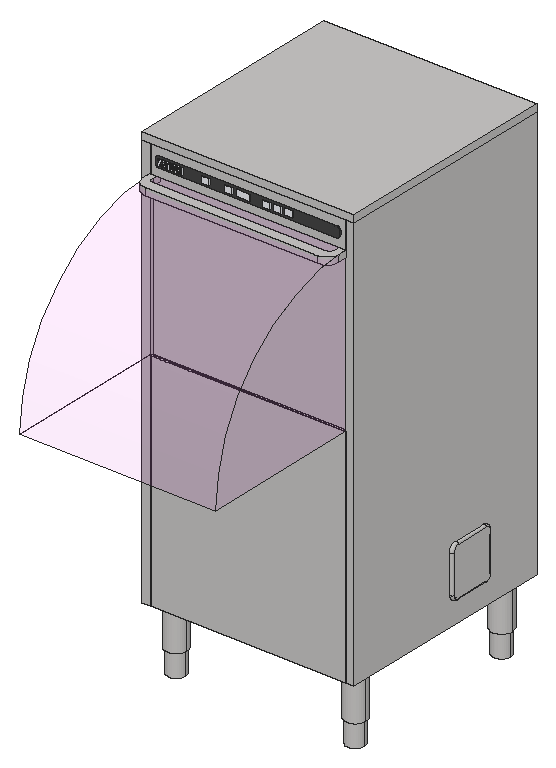
Revit family "QF_ZANUSSI_503020_LU7PDP", category Attrezzature speciali, Revit 2020
Family settings
  Quota connettore circolare = Usa diametro
  Tipo di parte = Normale
  Basato su piano di lavoro = No
  Sempre verticale = Sì
  Taglio con vuoti quando caricato = No
  Condiviso = No
  Punto di calcolo locali = No
Parameters (values of type "Standard")
  Weight = 88.00 kg
  Watts = 9900 W
  Volts = 400 V
  URL Manufacturer = "http://www.zanussiprofessional.com"
  URL = "http://www.zanussiprofessional.com"
  Steam Supply Size = 0 mm
  Steam Supply Minimum Pressure = 0.0 Pa
  Steam Supply Maximum Pressure = 0.0 Pa
  Steam Consumption per Hour = 0
  Show Logo [instance] = yes
  Show Clearance [instance] = yes
  Refrigeration Suction Line Size = 0 mm
  Refrigeration Liquid Line Size = 0 mm
  Refrigerant Compressor Remote = yes
  Prospetto di default = 0 mm
  Produttore = "Zanussi"
  Phase = 3
  Modello = "LU7PDP"
  Length Actual = 642 mm  # constant formula
  Item Number = "503020"
  Hot Water Size = 19.05 mm
  Height Actual = 1477 mm  # constant formula
  HP = "13.3 HP"
  Gas Size = 0 mm
  Gas KW = 0
  Gas Input Pressure = 0 W
  Direct Waste Size = 20.5 mm
  Descrizione = "UTENSIL/DISHW.1170D/H,DRAIN P,PRESS.BOIL"
  Depth Actual = 723 mm  # constant formula
  Cycle = 50 Hz
  Condensate Return Size = 0 mm
  Compressed Air Volume = 0.0 L/s
  Compressed Air Size = 0 mm
  Compressed Air Pressure = 0.0 Pa
  Cold Water Size = 0 mm
  Accessory = yes
Reference planes
  plane 1: z = 0
  plane 2 "LEFT": x = -438
  plane 3 "BACK": y = 450
  plane 4: z = 904
  plane 5: y = 381
  plane 6: x = -388
  plane 7: z = 200
  plane 8: x = 204
  plane 9: x = -117
  plane 10: z = 880
  plane 11: z = 1477
  plane 12: z = 1363
  plane 13: x = 154
  plane 14: y = -239
  plane 15: y = -172
  plane 16: through (180, 105, 4000) normal (-0.7071, -0.7071, 0)
  plane 17: through (180, 125, 4000) normal (0.7071, -0.7071, 0)
  plane 18: through (47, -3351, 200) normal (-0.7071, 0, -0.7071)
  plane 19: through (47, -3351, 220) normal (0.7071, 0, -0.7071)
  plane 20: y = 392
  plane 21: x = -173
  plane 22: y = 392
  plane 23: x = -117
  plane 24: y = -76
  plane 25: x = -208
  plane 26: y = -731
Forms (mm)
  Extrusion 1, solid, material "QF_Finishes_Stainless Steel"
    sketch origin (0, 211, 0) x (1, 0, 0) y (0, 1, 0)
      loop
        line (-438, 239) -> (-438, -450) -> (-413, -450) -> (-413, -418) -> (179, -418) -> (179, -450) -> (204, -450) -> (204, 239) -> (-438, 239)
    from 200 to 1455
  Extrusion 2, solid, material "QF_Finishes_Stainless Steel"
    sketch origin (-247.596, -58.023, 198) x (0, -1, 0) y (1, 0, 0)
      loop
        line (-163.023, 407.596) -> (-163.023, 427.596) -> (-183.023, 427.596) -> (-183.023, 407.596) -> (-163.023, 407.596)
    from 0 to 2
  Extrusion 3, solid, material "QF_Finishes_Stainless Steel"
    sketch origin (-1275.159, 1164.464, 194.383) x (1, 0, 0) y (0, 1, 0)
      loop
        circle (1102.159, -772.464) r 10
    from -9.383 to 5.617
  Extrusion 4, solid, material "QF_Finishes_Stainless Steel"
    sketch origin (-30, 211, -709) x (1, 0, 0) y (0, 1, 0)
      loop
        line (-383, -440) -> (209, -440) -> (209, -420) -> (-383, -420) -> (-383, -440)
    from 1589 to 2082
  Extrusion 5, solid, material "QF_Finishes_Stainless Steel"
    sketch origin (-30, 211, -1192) x (1, 0, 0) y (0, 1, 0)
      loop
        line (-383, -450) -> (209, -450) -> (209, -420) -> (-383, -420) -> (-383, -450)
    from 1392 to 2072
  Extrusion 6, solid, material "QF_Finishes_Door Clearance", visible <- "Show Clearance"
    sketch origin (-259, -438, 522.718) x (0, 1, 0) y (0, 0, -1)
      loop
        line (200, -357.282) -> (-293, -357.282)
        arc (-293, -357.282) -> (-148.604, -705.885) -> (200, -850.282) r 493
        line (200, -850.282) -> (200, -357.282)
    from 154 to -438
  Extrusion 7, solid, material "QF_Finishes_Stainless Steel"
    sketch origin (-30, 211, -19) x (1, 0, 0) y (0, 1, 0)
      loop
        line (-383, -450) -> (209, -450) -> (209, -420) -> (-383, -420) -> (-383, -450)
    from 1392 to 1474
  Extrusion 8, solid, material "QF_Finishes_Stainless Steel"
    sketch origin (-57, 0, 63) x (1, 0, 0) y (0, 1, 0)
      loop
        line (-381, -239) -> (261, -239) -> (261, 450) -> (-381, 450) -> (-381, -239)
    from 1392 to 1414
  Extrusion 9, solid, material "QF_Finishes_Stainless Steel"
    sketch origin (-380.596, 450, 36.977) x (1, 0, 0) y (0, 0, -1)
      loop
        line (407.596, -163.023) -> (407.596, -183.023) -> (427.596, -183.023) -> (427.596, -163.023) -> (407.596, -163.023)
    from 0 to 2
  Extrusion 10, solid, material "QF_Finishes_Stainless Steel"
    sketch origin (-1219.159, 1164.464, 194.383) x (1, 0, 0) y (0, 1, 0)
      loop
        circle (1102.159, -772.464) r 10
    from -9.383 to 5.617
  Extrusion 11, solid, material "QF_Finishes_Stainless Steel"
    sketch origin (-1107.159, 1164.464, 194.383) x (1, 0, 0) y (0, 1, 0)
      loop
        circle (1102.159, -772.464) r 10
    from -9.383 to 5.617
  Extrusion 12, solid, material "QF_Finishes_Stainless Steel"
    sketch origin (-1310.159, 696.464, 194.383) x (1, 0, 0) y (0, 1, 0)
      loop
        circle (1102.159, -772.464) r 10
    from -9.383 to 5.617
Dimensions and locks
  plane 4 to level = 904 mm
  plane 3 "BACK" to plane 5 = 69 mm
  plane 2 "LEFT" to plane 6 = 50 mm
  plane 2 "LEFT" to plane 8 = 642 mm
  equal spacing: plane 2 "LEFT", plane 9, plane 8
  plane 10 to level = 880 mm
  plane 11 to level = 1477 mm
  plane 12 to plane 10 = 483 mm
  nested 1 to plane 6 = 0 mm
  plane 13 to plane 8 = 50 mm
  plane 3 "BACK" to plane 14 = 689 mm
  plane 15 to plane 14 = 67 mm
  plane 8 to plane 2 "LEFT" = 642 mm
  plane 7 to level = 200 mm  (x2)
  plane 3 "BACK" to nested 2 = 69 mm
  plane 5 to nested 1 = 553 mm
  nested 1 to plane 14 = 67 mm
  level to plane 10 = 880 mm
  Extrusion 1 to plane 26 = 1181 mm
  aligned and locked: level to plane 1
Automatic sketch dimensions
  Extrusion 1 sketch curve to plane 2 "LEFT" = 0 mm
  plane 14 to Extrusion 1 sketch curve = 0 mm  (x2)
  Extrusion 1 sketch curve to plane 3 "BACK" = 0 mm
  Extrusion 1 sketch curve to plane 8 = 0 mm
  plane 2 "LEFT" to Extrusion 1 sketch curve = 25 mm
  plane 8 to Extrusion 1 sketch curve = 25 mm
  Extrusion 1 sketch curve to plane 14 = 32 mm
  Extrusion 2 sketch curve to plane 16 = 0 mm
  plane 17 to Extrusion 2 sketch curve = 0 mm
  Extrusion 2 sketch curve to plane 17 = 0 mm
  Extrusion 2 sketch curve to plane 13 = 6 mm
  plane 20 to Extrusion 3 sketch curve = 0 mm
  Extrusion 3 sketch curve to plane 21 = 0 mm
  plane 2 "LEFT" to Extrusion 4 sketch curve = 25 mm
  plane 8 to Extrusion 4 sketch curve = 25 mm
  Extrusion 4 sketch curve to plane 14 = 10 mm
  Extrusion 4 sketch curve to Extrusion 4 sketch curve = 20 mm
  plane 14 to Extrusion 5 sketch curve = 0 mm
  plane 2 "LEFT" to Extrusion 5 sketch curve = 25 mm
  plane 8 to Extrusion 5 sketch curve = 25 mm
  Extrusion 5 sketch curve to plane 14 = 30 mm
  plane 10 to Extrusion 6 sketch curve = 0 mm  (x2)
  Extrusion 6 sketch curve to plane 14 = 1 mm
  plane 12 to Extrusion 6 sketch curve = 10 mm
  plane 14 to Extrusion 7 sketch curve = 0 mm
  plane 2 "LEFT" to Extrusion 7 sketch curve = 25 mm
  plane 8 to Extrusion 7 sketch curve = 25 mm
  Extrusion 7 sketch curve to plane 14 = 30 mm
  Extrusion 8 sketch curve to plane 3 "BACK" = 0 mm
  plane 14 to Extrusion 8 sketch curve = 0 mm
  Extrusion 8 sketch curve to plane 8 = 0 mm
  Extrusion 8 sketch curve to plane 2 "LEFT" = 0 mm
  plane 18 to Extrusion 9 sketch curve = 0 mm
  Extrusion 9 sketch curve to plane 7 = 0 mm
  Extrusion 9 sketch curve to plane 19 = 0 mm  (x2)
  Extrusion 10 sketch curve to plane 9 = 0 mm
  plane 20 to Extrusion 10 sketch curve = 0 mm
  plane 20 to Extrusion 11 sketch curve = 0 mm
  Extrusion 11 sketch curve to plane 9 = 112 mm
  plane 2 "LEFT" to Extrusion 12 sketch curve = 230 mm
  Extrusion 12 sketch curve to plane 5 = 457 mm
  radius of Extrusion 3 sketch curve = 10 mm
  radius of Extrusion 10 sketch curve = 10 mm
  radius of Extrusion 11 sketch curve = 10 mm
  radius of Extrusion 12 sketch curve = 10 mm
Nested families
  nested 1: "Piedino H200 - DISHWASHING" at (-388, -172, 0), type "Piedino H200 - DISHWASHING"
    with H 200 mm
  nested 2: "Piedino H200 - DISHWASHING" at (-388, 381, 0), type "Piedino H200 - DISHWASHING"
    with H 200 mm
  nested 3: "Piedino H200 - DISHWASHING" at (154, -172, 0), type "Piedino H200 - DISHWASHING"
    with H 200 mm
  nested 4: "Piedino H200 - DISHWASHING" at (154, 381, 0), type "Piedino H200 - DISHWASHING"
    with H 200 mm
  nested 5: "MANIGLIA_DISHWASHING_ROUND" at (-117, -229, 1362.997) x (1, 0, 0) z (0, -1, 0), type "MANIGLIA_DISHWASHING_ROUND"
  nested 6: "BOCCHETTONE DISHWASHING" at (204, 191, 350) x (0, -1, 0) z (1, 0, 0), type "BOCCHETTONE DISHWASHING"
  nested 7: "Tastierino_DISHWASHING_NERO ZANUSSI - LUNGO" at (-117, -239, 1414) x (1, 0, 0) z (0, -1, 0), type "Tastierino_DISHWASHING_NERO ZANUSSI - LUNGO"
    with Show Logo yes
  nested 8: "ZANUSSI_Logo - WHITE" at (-346.5, -240, 1463) x (1, 0, 0) z (0, -1, 0), Show Logo <- "Show Logo", visible <- "Show Logo", type "ZANUSSI_Logo - WHITE"
    with Show Logo yes
Connectors
  electrical at (170, 115, 198)
    settings: on Extrusion 2, index 69, voltage 0 V, apparent load 0 VA, apparent load phase1 0 VA, apparent load phase2 0 VA, apparent load phase3 0 VA, power factor 1, load classification "Altro", number of poles 1, system type 30, power factor state 1, is connector primary yes, connector utility no, sub classification motor no, connector description "EI"
  piping at (-173, 392, 185), diameter 12.9
    settings: on Extrusion 3, index 70, connector inside diameter 609.6 mm, connector length 0 mm, flow factor 0, pipe flow 0.0 L/s, pressure drop 0.0 Pa, fitting loss kfactor 0, connector angle 0.00°, fixture units 0, engagement length 0 mm, angle of deflection 0.00°, flow configuration 0, flow direction 0, fitting loss method 0, system type 29, joint type 0, gender type 0, connector reference index -1, connector utility 0, adjustable connector no, is connector primary yes, connector description "XD"
  electrical at (37, 450, 210)
    settings: on Extrusion 9, index 71, voltage 0 V, apparent load 0 VA, apparent load phase1 0 VA, apparent load phase2 0 VA, apparent load phase3 0 VA, power factor 1, load classification "Altro", number of poles 1, system type 30, power factor state 1, is connector primary no, connector utility no, sub classification motor no, connector description "EQ"
  piping at (-117, 392, 185), diameter 12.9
    settings: on Extrusion 10, index 72, connector inside diameter 609.6 mm, connector length 0 mm, flow factor 0, pipe flow 0.0 L/s, pressure drop 0.0 Pa, fitting loss kfactor 0, connector angle 0.00°, fixture units 0, engagement length 0 mm, angle of deflection 0.00°, flow configuration 0, flow direction 0, fitting loss method 0, system type 29, joint type 0, gender type 0, connector reference index -1, connector utility 0, adjustable connector no, is connector primary no, connector description "D"
  piping at (-5, 392, 185), diameter 12.9
    settings: on Extrusion 11, index 73, connector inside diameter 609.6 mm, connector length 0 mm, flow factor 0, pipe flow 0.0 L/s, pressure drop 0.0 Pa, fitting loss kfactor 0, connector angle 0.00°, fixture units 0, engagement length 0 mm, angle of deflection 0.00°, flow configuration 0, flow direction 0, fitting loss method 0, system type 29, joint type 0, gender type 0, connector reference index -1, connector utility 0, adjustable connector no, is connector primary no, connector description "HWI"
  piping at (-208, -76, 185), diameter 12.9
    settings: on Extrusion 12, index 74, connector inside diameter 609.6 mm, connector length 0 mm, flow factor 0, pipe flow 0.0 L/s, pressure drop 0.0 Pa, fitting loss kfactor 0, connector angle 0.00°, fixture units 0, engagement length 0 mm, angle of deflection 0.00°, flow configuration 0, flow direction 0, fitting loss method 0, system type 29, joint type 0, gender type 0, connector reference index -1, connector utility 0, adjustable connector no, is connector primary no, connector description "D"
Definition of nested family "Piedino H200 - DISHWASHING"
  Parameters (values of type "Piedino H200 - DISHWASHING")
    Default Elevation = 0 mm
    H [instance] = 200 mm
  Reference planes
    plane 1 "Centro (Fronte/Retro)": y = 0
    plane 2: z = 0
    plane 3 "Centro (Sinistra/Destra)": x = 0
    plane 4: z = 70.047
  Forms (mm)
    Revolve 1, solid
      sketch origin (55, 0, 0) x (-1, 0, 0) y (0, 0, -1)
        loop
          line (55, 0) -> (27.6, 0) -> (27.6, -70.047) -> (22.6, -70.047) -> (22.6, -200) -> (55, -200) -> (55, 0)
        axis (55, 0) -> (55, -200)
      angle from 0 to 360
  Dimensions and locks
    "H": Revolve 1 to plane 2
    aligned and locked: level to plane 2
  Automatic sketch dimensions
    Revolve 1 sketch curve to plane 4 = 0 mm
    Revolve 1 sketch curve to level = 0 mm
    Revolve 1 sketch curve to plane 3 "Centro (Sinistra/Destra)" = 0 mm  (x2)
    plane 3 "Centro (Sinistra/Destra)" to Revolve 1 sketch curve = 27.4 mm
    Revolve 1 sketch curve to Revolve 1 sketch curve = 5 mm
    Revolve 1 sketch curve to plane 4 = 129.953 mm
    Revolve 1 sketch curve to Revolve 1 sketch curve = 0 mm
    Revolve 1 sketch curve to Revolve 1 sketch curve = 20 mm
Definition of nested family "MANIGLIA_DISHWASHING_ROUND"
  Parameters (values of type "MANIGLIA_DISHWASHING_ROUND")
    Default Elevation = 1219.2 mm
  Reference planes
    plane 1 "Centro (Fronte/Retro)": y = 0
    plane 2: z = 0
    plane 3 "Centro (Sinistra/Destra)": x = 0
    plane 4: z = 72
    plane 5: x = -296
    plane 6: x = 296
  Forms (mm)
    Extrusion 1, solid
      sketch origin (0, 0, 0) x (1, 0, 0) y (0, 1, 0)
        loop
          line (-1219.2, 1219.2) -> (-1219.2, -1219.2) -> (1219.2, -1219.2) -> (1219.2, 1219.2) -> (-1219.2, 1219.2)
      from 0 to -304.8
    Extrusion 2, solid
      sketch origin (0, 10.003, 0) x (1, 0, 0) y (0, 0, 1)
        loop
          line (-296, 0) -> (-276, 0) -> (-276, 27)
          arc (-276, 27) -> (-271.607, 37.607) -> (-261, 42) r 15
          line (-261, 42) -> (261, 42)
          arc (261, 42) -> (271.607, 37.607) -> (276, 27) r 15
          line (276, 27) -> (276, 0) -> (296, 0) -> (296, 37)
          arc (296, 37) -> (285.749, 61.749) -> (261, 72) r 35
          line (261, 72) -> (-261, 72)
          arc (-261, 72) -> (-285.749, 61.749) -> (-296, 37) r 35
          line (-296, 37) -> (-296, 0)
      from 0 to 20.005
  Dimensions and locks
    plane 5 to plane 6 = 592 mm
    aligned and locked: plane 2 to Extrusion 1
    aligned and locked: level to Extrusion 1
Definition of nested family "BOCCHETTONE DISHWASHING"
  Parameters (values of type "BOCCHETTONE DISHWASHING")
    Default Elevation = 1219.2 mm
  Reference planes
    plane 1 "Centro (Fronte/Retro)": y = 0
    plane 2: z = 0
    plane 3 "Centro (Sinistra/Destra)": x = 0
  Forms (mm)
    Extrusion 1, solid
      sketch origin (0, 0, 0) x (1, 0, 0) y (0, 1, 0)
        loop
          line (-1219.2, 1219.2) -> (-1219.2, -1219.2) -> (1219.2, -1219.2) -> (1219.2, 1219.2) -> (-1219.2, 1219.2)
      from 0 to -304.8
    Extrusion 2, solid
      sketch origin (-411.544, -195.727, 0) x (1, 0, 0) y (0, 1, 0)
        loop
          arc (359.044, 268.227) -> (348.437, 263.833) -> (344.044, 253.227) r 15
          line (344.044, 253.227) -> (344.044, 138.227)
          arc (344.044, 138.227) -> (348.437, 127.62) -> (359.044, 123.227) r 15
          line (359.044, 123.227) -> (464.044, 123.227)
          arc (464.044, 123.227) -> (474.65, 127.62) -> (479.044, 138.227) r 15
          line (479.044, 138.227) -> (479.044, 253.227)
          arc (479.044, 253.227) -> (474.65, 263.833) -> (464.044, 268.227) r 15
          line (464.044, 268.227) -> (359.044, 268.227)
      from 0 to 13.165
    Sweep 3, solid
      path in 3D
        loop
          arc (-52.5, 72.5, 13.165) -> (-63.107, 68.107, 13.165) -> (-67.5, 57.5, 13.165) r 15
          line (-67.5, 57.5, 13.165) -> (-67.5, -57.5, 13.165)
          arc (-67.5, -57.5, 13.165) -> (-63.107, -68.107, 13.165) -> (-52.5, -72.5, 13.165) r 15
          line (-52.5, -72.5, 13.165) -> (52.5, -72.5, 13.165)
          arc (52.5, -72.5, 13.165) -> (63.107, -68.107, 13.165) -> (67.5, -57.5, 13.165) r 15
          line (67.5, -57.5, 13.165) -> (67.5, 57.5, 13.165)
          arc (67.5, 57.5, 13.165) -> (63.107, 68.107, 13.165) -> (52.5, 72.5, 13.165) r 15
          line (52.5, 72.5, 13.165) -> (-52.5, 72.5, 13.165)
      profile origin (0, 72.5, 13.165) x (0, 0, 1) y (0, 1, 0)
        loop
          arc (-1.054, 0) -> (-6.598, 5.544) -> (-12.141, 0) r 5.544
          line (-12.141, 0) -> (-1.054, 0)
  Lines and regions (mm)
    sketch lines
      curve 1: line (52.5, 72.5, 13.165) -> (-52.5, 72.5, 13.165)
      curve 2: arc (-67.5, 57.5, 13.165) -> (-63.107, 68.107, 13.165) -> (-52.5, 72.5, 13.165) r 15
      curve 3: line (-67.5, 57.5, 13.165) -> (-67.5, -57.5, 13.165)
      curve 4: arc (-52.5, -72.5, 13.165) -> (-63.107, -68.107, 13.165) -> (-67.5, -57.5, 13.165) r 15
      curve 5: line (-52.5, -72.5, 13.165) -> (52.5, -72.5, 13.165)
      curve 6: line (67.5, -57.5, 13.165) -> (67.5, 57.5, 13.165)
      curve 7: arc (52.5, 72.5, 13.165) -> (63.107, 68.107, 13.165) -> (67.5, 57.5, 13.165) r 15
      curve 8: arc (67.5, -57.5, 13.165) -> (63.107, -68.107, 13.165) -> (52.5, -72.5, 13.165) r 15
  Dimensions and locks
    aligned and locked: plane 2 to Extrusion 1
    aligned and locked: level to Extrusion 1
Definition of nested family "Tastierino_DISHWASHING_NERO ZANUSSI - LUNGO"
  Parameters (values of type "Tastierino_DISHWASHING_NERO ZANUSSI - LUNGO")
    Show Logo [instance] = yes
    Default Elevation = 1219.2 mm
  Reference planes
    plane 1 "Centro (Fronte/Retro)": y = 0
    plane 2: z = 0
    plane 3 "Centro (Sinistra/Destra)": x = 0
  Forms (mm)
    Extrusion 1, solid
      sketch origin (0, 0, 0) x (1, 0, 0) y (0, 1, 0)
        loop
          line (-1219.2, 1219.2) -> (-1219.2, -1219.2) -> (1219.2, -1219.2) -> (1219.2, 1219.2) -> (-1219.2, 1219.2)
      from 0 to -304.8
    Extrusion 2, solid
      sketch origin (0, -346.27, 0) x (1, 0, 0) y (0, 1, 0)
        loop
          line (-279, 352.097) -> (-279, 340.442)
          arc (-279, 340.442) -> (-276.071, 333.371) -> (-269, 330.442) r 10
          line (-269, 330.442) -> (269, 330.442)
          arc (269, 330.442) -> (276.071, 333.371) -> (279, 340.442) r 10
          line (279, 340.442) -> (279, 352.097)
          arc (279, 352.097) -> (276.071, 359.169) -> (269, 362.097) r 10
          line (269, 362.097) -> (-269, 362.097)
          arc (-269, 362.097) -> (-276.071, 359.169) -> (-279, 352.097) r 10
      from 0 to 1
    Extrusion 3, solid
      sketch origin (15, -346.27, 0) x (1, 0, 0) y (0, 1, 0)
        loop
          line (-154.168, 355.847) -> (-154.168, 336.692) -> (-131.389, 336.692) -> (-131.389, 355.847) -> (-154.168, 355.847)
        loop
          line (-84.168, 355.847) -> (-84.168, 336.692) -> (-61.389, 336.692) -> (-61.389, 355.847) -> (-84.168, 355.847)
        loop
          line (30.832, 355.847) -> (30.832, 336.692) -> (53.611, 336.692) -> (53.611, 355.847) -> (30.832, 355.847)
        loop
          line (63.497, 355.847) -> (63.497, 336.692) -> (86.275, 336.692) -> (86.275, 355.847) -> (63.497, 355.847)
        loop
          line (98.497, 355.847) -> (98.497, 336.692) -> (121.275, 336.692) -> (121.275, 355.847) -> (98.497, 355.847)
        loop
          line (-48.676, 355.847) -> (-48.676, 336.692) -> (-8.383, 336.692) -> (-8.383, 355.847) -> (-48.676, 355.847)
      from 0 to 2
  Dimensions and locks
    aligned and locked: plane 2 to Extrusion 1
    aligned and locked: level to Extrusion 1
Definition of nested family "ZANUSSI_Logo - WHITE"
  Parameters (values of type "ZANUSSI_Logo - WHITE")
    Show Logo [instance] = yes
    Default Elevation = 1219.2 mm
  Reference planes
    plane 1 "Center (Front/Back)": y = -49
    plane 2: z = 0
    plane 3 "Center (Left/Right)": x = -9.92
  Forms (mm)
    Extrusion 1, solid
      sketch origin (0, 0, 0) x (1, 0, 0) y (0, 1, 0)
        loop
          line (-1219.2, 1219.2) -> (-1219.2, -1219.2) -> (1219.2, -1219.2) -> (1219.2, 1219.2) -> (-1219.2, 1219.2)
      from 0 to -304.8
    Extrusion 2, solid, visible <- "Show Logo"
      sketch origin (106.353, -215.165, -50) x (1, 0, 0) y (0, 1, 0)
        loop
          line (-137.419, 156.48) -> (-137.419, 160.444) -> (-143.365, 160.444) -> (-137.419, 172.566) -> (-137.419, 175.851) -> (-147.274, 175.851) -> (-147.274, 172.226) -> (-142.063, 172.339) -> (-147.728, 160.444) -> (-147.728, 156.48) -> (-137.419, 156.48)
        loop
          line (-131.729, 163.73) -> (-129.463, 163.73) -> (-130.596, 172.54) -> (-131.729, 163.73)
        loop
          line (-132.748, 156.48) -> (-132.182, 160.218) -> (-128.897, 160.218) -> (-128.33, 156.48) -> (-124.252, 156.48) -> (-127.877, 175.851) -> (-133.315, 175.851) -> (-136.826, 156.48) -> (-132.748, 156.48)
        loop
          line (-123.75, 175.851) -> (-123.75, 156.48) -> (-120.238, 156.48) -> (-120.238, 169.281) -> (-116.953, 156.48) -> (-112.648, 156.48) -> (-112.648, 175.851) -> (-116.273, 175.851) -> (-116.273, 163.503) -> (-119.558, 175.851) -> (-123.75, 175.851)
        loop
          arc (-111.742, 161.27) -> (-106.896, 156.448) -> (-101.433, 160.558) r 5.22
          line (-101.433, 160.558) -> (-101.433, 175.851) -> (-105.398, 175.851) -> (-105.398, 161.464)
          arc (-105.398, 161.464) -> (-106.44, 160.263) -> (-107.777, 161.124) r 1.214
          line (-107.777, 161.124) -> (-107.777, 175.851) -> (-111.742, 175.851) -> (-111.742, 161.27)
        loop
          line (-94.069, 169.734) -> (-90.331, 169.734) -> (-90.269, 171.495)
          arc (-90.269, 171.495) -> (-90.53, 173.458) -> (-91.761, 175.009) r 3.719
          arc (-91.761, 175.009) -> (-95.38, 176.189) -> (-98.998, 175.009) r 6.139
          arc (-98.998, 175.009) -> (-100.474, 172.145) -> (-100.291, 168.927) r 6.125
          arc (-100.291, 168.927) -> (-99.079, 167.149) -> (-97.591, 165.594) r 13.068
          line (-97.591, 165.594) -> (-95.921, 164.113)
          arc (-95.921, 164.113) -> (-94.934, 163.275) -> (-94.167, 162.233) r 5.571
          arc (-94.167, 162.233) -> (-94.357, 160.41) -> (-96.143, 160.003) r 1.573
          arc (-96.143, 160.003) -> (-96.681, 160.547) -> (-96.911, 161.277) r 1.631
          arc (-96.911, 161.277) -> (-96.929, 161.791) -> (-96.911, 162.305) r 7.441
          arc (-96.911, 162.305) -> (-96.895, 162.791) -> (-96.911, 163.277) r 7.03
          line (-96.911, 163.277) -> (-100.866, 163.277)
          arc (-100.866, 163.277) -> (-100.828, 160.504) -> (-99.735, 157.955) r 7.131
          arc (-99.735, 157.955) -> (-94.571, 156.484) -> (-90.221, 159.633) r 6.148
          arc (-90.221, 159.633) -> (-90.141, 162.884) -> (-91.536, 165.823) r 7.021
          line (-91.536, 165.823) -> (-95.882, 169.734)
          arc (-95.882, 169.734) -> (-96.47, 170.472) -> (-96.785, 171.362) r 2.858
          arc (-96.785, 171.362) -> (-95.666, 172.959) -> (-94.069, 171.84) r 1.379
          line (-94.069, 171.84) -> (-94.069, 169.734)
        loop
          line (-82.771, 169.734) -> (-79.033, 169.734) -> (-78.971, 171.495)
          arc (-78.971, 171.495) -> (-79.232, 173.458) -> (-80.463, 175.009) r 3.719
          arc (-80.463, 175.009) -> (-84.081, 176.189) -> (-87.7, 175.009) r 6.139
          arc (-87.7, 175.009) -> (-89.175, 172.145) -> (-88.993, 168.927) r 6.125
          arc (-88.993, 168.927) -> (-87.781, 167.149) -> (-86.293, 165.594) r 13.068
          line (-86.293, 165.594) -> (-84.623, 164.113)
          arc (-84.623, 164.113) -> (-83.636, 163.275) -> (-82.869, 162.233) r 5.571
          arc (-82.869, 162.233) -> (-83.059, 160.41) -> (-84.845, 160.003) r 1.573
          arc (-84.845, 160.003) -> (-85.383, 160.547) -> (-85.613, 161.277) r 1.631
          arc (-85.613, 161.277) -> (-85.631, 161.791) -> (-85.613, 162.305) r 7.441
          arc (-85.613, 162.305) -> (-85.596, 162.791) -> (-85.613, 163.277) r 7.03
          line (-85.613, 163.277) -> (-89.568, 163.277)
          arc (-89.568, 163.277) -> (-89.53, 160.504) -> (-88.437, 157.955) r 7.131
          arc (-88.437, 157.955) -> (-83.272, 156.484) -> (-78.922, 159.633) r 6.148
          arc (-78.922, 159.633) -> (-78.843, 162.884) -> (-80.238, 165.823) r 7.021
          line (-80.238, 165.823) -> (-84.584, 169.734)
          arc (-84.584, 169.734) -> (-85.171, 170.472) -> (-85.486, 171.362) r 2.858
          arc (-85.486, 171.362) -> (-84.368, 172.959) -> (-82.771, 171.84) r 1.379
          line (-82.771, 171.84) -> (-82.771, 169.734)
        loop
          line (-78.21, 175.851) -> (-78.21, 156.48) -> (-74.245, 156.48) -> (-74.245, 175.851) -> (-78.21, 175.851)
      from 50 to 51.6
  Dimensions and locks
    aligned and locked: plane 2 to Extrusion 1
    aligned and locked: level to Extrusion 1
